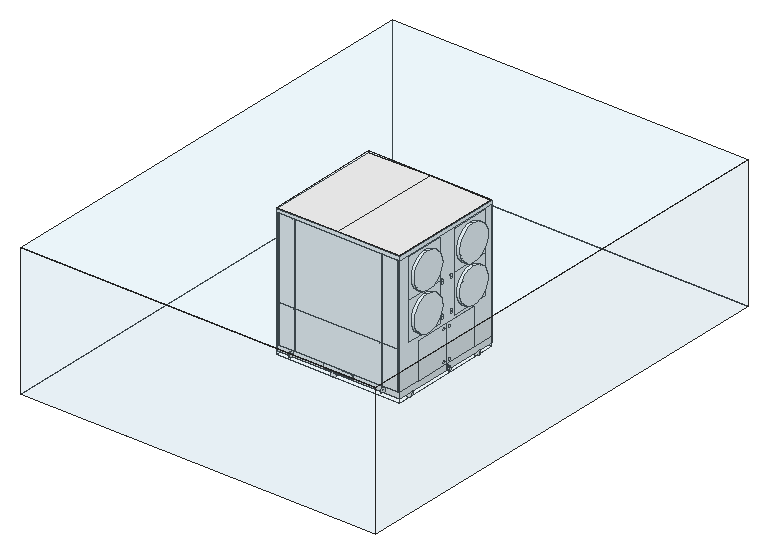
Revit family "VITOCAL 200-A PRO AWO-AC 204.A128", category Mechanical Equipment, Revit 2021
Family settings
  Round Connector Dimension = Use Diameter
  Part Type = Normal
  OmniClass Number = 23.75.10.21.17
  OmniClass Title = Water-Source Heat Pumps
  Work Plane-Based = No
  Always vertical = Yes
  Cut with Voids When Loaded = No
  Shared = No
  Room Calculation Point = No
Parameters (values of type "VITOCAL 200-A PRO AWO-AC 204.A128")
  Wysokość całkowita = 2265.00 mm
  Woda grzewcza. Znamionowy przepływ objętościowy = "19 380 l/h"
  Zastosowanie średniotemperaturowe (W55). Znamionowa moc grzewcza Prated (kW) = 108
  Zastosowanie średniotemperaturowe (W55). Sezonowy stopień efektywności (SCOP) = 3.29
  Zastosowanie średniotemperaturowe (W55). Efektywność energetyczna ηS = 129
  Zastosowanie niskotemperaturowe (W35). Znamionowa moc grzewcza Prated (kW) = 99
  Wentylator. Zabezpieczenie wewnętrzne = "B10A"
  Zastosowanie niskotemperaturowe (W35). Sezonowy stopień efektywności (SCOP) = 4.4
  Stopień ochrony = "IPX4"
  Sprężarka. Maks. prąd roboczy = "2 x 53,4"
  Sprężarka. Maks. pobór mocy elektrycznej sprężarki (A2/W35, włącznie z wentylatorem) = "2 x 14.600 kW"
  Przyłącza. Zasilanie oraz powrót wody grzewczej (gwint zewnętrzny) = "G 2½"
  Pozyskiwanie ciepła. Znamionowy przepływ objętościowy powietrza = "19 100 m3/h"
  Pozyskiwanie ciepła. Min. Temperatura powietrza na wlocie = "–20 °C"
  Pozyskiwanie ciepła. Maks. moc elektryczna wentylatora = "8 x 500 W"
  Pozyskiwanie ciepła. Maks. Temperatura powietrza na wlocie = "35 °C"
  Pozyskiwanie ciepła. Ilość wody kondensacyjnej przy wilgotności 87% = "60"
  Woda grzewcza. Pojemność = "17.3 l"
  Woda grzewcza. Opory przepływu znamionowego przepływu objętościowego = "7.1 kPa"
  Woda grzewcza. Opory przepływu minimalnego przepływu objętościowego = "2.9 kPa"
  Poziom mocy akustycznej = "71.6 dB(A)"
  Obieg chłodniczy. Sprężarka = "Scroll"
  Obieg chłodniczy. Olej w sprężarce = "Idemitsu FV68S"
  Obieg chłodniczy. Ilość oleju w sprężarce = "2.8"
  Obieg chłodniczy. Ilość czynnika chłodniczego = 43.00 kg
  Obieg chłodniczy. Ekwiwalent CO2 = "76.3"
  Obieg chłodniczy. Czynnik roboczy = "R407C"
  Obieg chłodniczy. Armatura zabezpieczająca = "A1"
  Obieg chłodniczy. Potencjał tworzenia efektu cieplarnianego (GWP) = "1774"
  Wentylator. Napięcie znamionowe = "1/N/PE 230 V/50 Hz"
  Woda grzewcza. Minimalny przepływ objętościowy (1 sprężarka uruchomiona) = "2800 l/h"
  Woda grzewcza. Min. temperatura na powrocie = "20 °C"
  Woda grzewcza. Maks. temperatura na zasilaniu = "65 °C"
  Sprężarka. Maks. przekrój elektrycznych przewodów przyłączeniowych = "16 mm2"
  Znamionowa wydajność chłodzenia = 139.9 kW
  Znamionowa moc grzewcza = 112.4 kW
  Sprężarka. Zabezp. przyłącza elektrycznego = "i 3 x C63A Kombi"
  Viessmann Kolor 1 = Viessmann Kolor 1
  URL = "https://www.viessmann.pl/"
  Szerokość całkowita = 2280.00 mm
  Strefa serwisowa [instance] = yes
  Stopień efektywności ε (COP) = 4.05
  Sprężarka. Prąd rozruchowy sprężarki = "2 x 122.7 A"
  Pobór mocy elektrycznej = 27.77 kW
  Sprężarka. Napięcie znamionowe = "3/N/PE 400 V/50 Hz"
  Moc elektryczna na podgrzew miski olejowej = "4 x 90"
  Masa całkowita (urządzenie podstawowe bez opcjonalnej obudowy) = 1850.00 kg
  Manufacturer = "Viessmann Sp. z o.o."
  Wentylator. Maks. pobór mocy elektrycznej na 1 wentylator = 500 W
  Zastosowanie niskotemperaturowe (W35). Efektywność energetyczna ηS (%) = 173
  Informacja = "Pomiar całkowitego poziomu mocy akustycznej w oparciu o normę EN ISO 12102/EN ISO 9614."
  EER w trybie chłodzenia = 5.23
  Dop. ciśnienie robocze po stronie wtórnej = "6 bar"
  Description = "Pompa ciepła Vitocal 200-A PRO pozyskuje energię cieplną z powietrza zewnętrznego i wykorzystuje ją do ogrzewania\r\nwody w obiegu grzewczym lub obiegu ciepłej wody użytkowej. Dzięki nagrzewnicy powietrznej (parownik) energia cieplna,\r\npochodząca ze stale zasysanego przez wentylator powietrza zewnętrznego, jest oddawana do czynnika roboczego\r\n(czynnika chłodniczego). Czynnik chłodniczy ulega przy tym parowaniu. Za pomocą elektrycznie napędzanej sprężarki\r\nzwiększana jest temperatura czynnika chłodniczego w postaci gazowej.\r\nPo odparowaniu i zagęszczeniu energia cieplna z czynnika chłodniczego poprzez kondensację w wymienniku ciepła jest\r\nprzekazywana do zasobnika buforowego (nie należy do zakresu dostawy), a następnie do systemu grzewczego. W tzw.\r\nskraplaczu czynnik chłodniczy znów jest skraplany i może zostać ponownie doprowadzony do parownika przez zawór\r\nrozprężny.\r\nPrzy niskich temperaturach otoczenia wilgoć odkłada się w parowniku jako szron, co niekorzystnie wpływa\r\nna przekazywanie ciepła. W razie potrzeby parownik jest automatycznie rozmrażany przez pompę ciepła. W zależności\r\nod warunków pogodowych w wylocie powietrza może powstawać para. W zależności od warunków regionalnych konieczna\r\nmoże być optymalizacja podczas pracy.\r\nAby zapewnić izolację akustyczną, zasobnik buforowy musi być podłączony za pomocą elastycznych połączeń przewodów.\r\nZwiększa to jednocześnie żywotność pompy ciepła."
  Model = "Pompy ciepła powietrze/woda do ustawienia na zewnątrz z napędem elektrycznym do ogrzewania pomieszczeń i podgrzewu ciepłej wody użytkowej w instalacjach grzewczych: - Do 65°C temperatury na zasilaniu, - W zależności od typu z 1, 2 lub 4 sprężarkami, - Z regulatorem pompy ciepła sterowanym pogodowo i graficznym modułem obsługi do montażu na ścianie."
  Długość całkowita = 2130.00 mm
  Default Elevation = 0.00 mm
  Sprężarka. Cos φ = 0.75
  Autor = "www.archispace.pl"
Reference planes
  plane 1 "Środek (Przód/Tył)": y = -30
  plane 2: z = 0
  plane 3 "Środek (Lewa/Prawa)": x = 0
  plane 4: y = 955
  plane 5: y = -1029
  plane 6: x = -1054.75
  plane 7: x = 1139
  plane 8: x = 1054.75
  plane 9: z = 2264.51
  plane 10: z = 68.2
  plane 11: x = -1141.293
  plane 12: x = 1141.333
  plane 13: z = 2198.05
  plane 14: x = 1073.007
Forms (mm)
  Extrusion 1, solid, material "Viessmann Kolor 1" <- "Viessmann Kolor 1", detail levels coarse
    sketch origin (0, 0, 0) x (1, 0, 0) y (0, 1, 0)
      loop
        line (-1141.293, 955) -> (-1141.293, -1029) -> (1141.333, -1029) -> (1141.333, 955) -> (-1141.293, 955)
    from 0 to 2264.51
  Extrusion 2, solid, material "Viessmann Kolor 1" <- "Viessmann Kolor 1", detail levels medium+fine
    sketch origin (0, 0, 0) x (0, 1, 0) y (0, 0, 1)
      loop
        line (-1015, 68.2) -> (948.5, 68.2) -> (948.5, 2198.05) -> (-1015, 2198.05) -> (-1015, 68.2)
    from -1050 to 1050
  Extrusion 3, solid, material "Viessmann Kolor 1" <- "Viessmann Kolor 1", detail levels medium+fine
    sketch origin (0, 0, 0) x (1, 0, 0) y (0, 1, 0)
      loop
        line (1052.75, 951.5) -> (1023.75, 951.5) -> (1023.75, 950) -> (1051.25, 950) -> (1051.25, -1024) -> (1023.75, -1024) -> (1023.75, -1025.5) -> (1052.75, -1025.5) -> (1052.75, 951.5)
    from 167.8 to 2198.05
  Extrusion 4, solid, material "Viessmann Kolor 1" <- "Viessmann Kolor 1", detail levels medium+fine
    sketch origin (0, 0, 0) x (1, 0, 0) y (0, 1, 0)
      loop
        circle (-1020.914, 683) r 39
      loop
        circle (-1020.914, -771) r 39
      loop
        circle (1019.086, -771) r 39
      loop
        circle (1019.086, 683) r 39
      loop
        circle (109.086, 888) r 39
      loop
        circle (-110.914, -976) r 39
    from 0 to 68.2
  Extrusion 5, solid, material "Viessmann Kolor 1" <- "Viessmann Kolor 1", detail levels medium+fine
    sketch origin (-557.926, -1377, 1200) x (-1, 0, 0) y (0, 0, 1)
      loop
        circle (-217.181, -466.737) r 12.089
      loop
        circle (-217.181, -416.737) r 12.089
      loop
        circle (-217.181, -366.737) r 12.089
      loop
        circle (-217.181, -316.737) r 12.089
      loop
        circle (-322.181, -466.737) r 12.089
      loop
        circle (-322.181, -416.737) r 12.089
      loop
        circle (-322.181, -366.737) r 12.089
      loop
        circle (-322.181, -316.737) r 12.089
    from 704.006 to 728.929
  Extrusion 6, solid, material "Viessmann Kolor 1" <- "Viessmann Kolor 1", detail levels medium+fine
    sketch origin (0, -7, 0) x (0, 1, 0) y (0, 0, 1)
      loop
        line (784.5, 1524.853) -> (784.5, 2180.853) -> (128.5, 2180.853) -> (128.5, 1524.853) -> (784.5, 1524.853)
      loop
        line (784.5, 864.853) -> (784.5, 1520.853) -> (128.5, 1520.853) -> (128.5, 864.853) -> (784.5, 864.853)
      loop
        line (-846.499, 1524.853) -> (-190.5, 1524.853) -> (-190.5, 2180.853) -> (-846.499, 2180.853) -> (-846.499, 1524.853)
      loop
        line (-846.499, 864.853) -> (-190.5, 864.853) -> (-190.5, 1520.853) -> (-846.499, 1520.853) -> (-846.499, 864.853)
    from -1072.967 to -1054.75
  Extrusion 7, solid, material "Viessmann Kolor 1" <- "Viessmann Kolor 1", detail levels medium+fine
    sketch origin (0, -7, 0) x (0, 1, 0) y (0, 0, 1)
      loop
        arc (452.66, 1553.206) -> (756.001, 1852.301) -> (453.762, 2152.511) r 299.669
        arc (453.762, 2152.511) -> (156.663, 1853.404) -> (452.66, 1553.206) r 299.669
      loop
        arc (451.096, 893.229) -> (755.943, 1186.939) -> (462.924, 1492.449) r 299.669
        arc (462.924, 1492.449) -> (156.721, 1198.767) -> (451.096, 893.229) r 299.669
      loop
        arc (-543.616, 894.224) -> (-219.143, 1183.526) -> (-524.988, 1492.455) r 299.669
        arc (-524.988, 1492.455) -> (-818.191, 1202.179) -> (-543.616, 894.224) r 299.669
      loop
        arc (-523.567, 2152.482) -> (-818.331, 1854.56) -> (-526.981, 1553.299) r 299.669
        arc (-526.981, 1553.299) -> (-219.003, 1851.145) -> (-523.567, 2152.482) r 299.669
    from -1141.293 to -1072.967
  Extrusion 8, solid, material "Viessmann Kolor 1" <- "Viessmann Kolor 1", detail levels medium+fine
    sketch origin (0, 0, 0) x (0, 1, 0) y (0, 0, 1)
      loop
        line (-844.5, 1524.853) -> (-188.5, 1524.853) -> (-188.5, 2180.853) -> (-844.5, 2180.853) -> (-844.5, 1524.853)
      loop
        line (-844.5, 864.853) -> (-188.5, 864.853) -> (-188.5, 1520.853) -> (-844.5, 1520.853) -> (-844.5, 864.853)
      loop
        line (130.5, 1524.853) -> (786.499, 1524.853) -> (786.499, 2180.853) -> (130.5, 2180.853) -> (130.5, 1524.853)
      loop
        line (130.5, 864.853) -> (786.499, 864.853) -> (786.499, 1520.853) -> (130.5, 1520.853) -> (130.5, 864.853)
    from 1054.75 to 1073.007
  Extrusion 9, solid, material "Viessmann Kolor 1" <- "Viessmann Kolor 1", detail levels medium+fine
    sketch origin (0, 0, 0) x (0, 1, 0) y (0, 0, 1)
      loop
        arc (452.66, 1553.206) -> (756.001, 1852.301) -> (453.762, 2152.511) r 299.669
        arc (453.762, 2152.511) -> (156.663, 1853.404) -> (452.66, 1553.206) r 299.669
      loop
        arc (451.096, 893.229) -> (755.943, 1186.939) -> (462.924, 1492.449) r 299.669
        arc (462.924, 1492.449) -> (156.721, 1198.767) -> (451.096, 893.229) r 299.669
      loop
        arc (-543.616, 894.224) -> (-219.143, 1183.526) -> (-524.988, 1492.455) r 299.669
        arc (-524.988, 1492.455) -> (-818.191, 1202.179) -> (-543.616, 894.224) r 299.669
      loop
        arc (-523.567, 2152.482) -> (-818.331, 1854.56) -> (-526.981, 1553.299) r 299.669
        arc (-526.981, 1553.299) -> (-219.003, 1851.145) -> (-523.567, 2152.482) r 299.669
    from 1073.007 to 1141.333
  Extrusion 10, solid, material "Viessmann Kolor 1" <- "Viessmann Kolor 1", detail levels medium+fine
    sketch origin (-557.926, -1377, 1200) x (-1, 0, 0) y (0, 0, 1)
      loop
        line (-557.926, 1064.51) -> (-1612.676, 1046.15) -> (-1612.676, 998.05) -> (496.824, 998.05) -> (496.824, 1046.15) -> (-557.926, 1064.51)
    from 348 to 2332
  Extrusion 11, solid, material "Viessmann Kolor 1" <- "Viessmann Kolor 1", detail levels medium+fine
    sketch origin (0, 0, 0) x (1, 0, 0) y (0, 1, 0)
      loop
        line (-1038.104, -1024) -> (-751.104, -1024) -> (-751.104, -1022.5) -> (-1038.104, -1022.5) -> (-1038.104, -1024)
      loop
        line (-748.896, -1024) -> (749.604, -1024) -> (749.604, -1022.5) -> (-748.896, -1022.5) -> (-748.896, -1024)
      loop
        line (1038.896, -1024) -> (1038.896, -1022.5) -> (751.896, -1022.5) -> (751.896, -1024) -> (1038.896, -1024)
      loop
        line (-1038.104, 950) -> (-1038.104, 948.5) -> (-751.104, 948.5) -> (-751.104, 950) -> (-1038.104, 950)
      loop
        line (-748.896, 950) -> (-748.896, 948.5) -> (749.604, 948.5) -> (749.604, 950) -> (-748.896, 950)
      loop
        line (1038.896, 950) -> (751.896, 950) -> (751.896, 948.5) -> (1038.896, 948.5) -> (1038.896, 950)
    from 167.8 to 817.8
  Extrusion 12, solid, material "Viessmann Kolor 1" <- "Viessmann Kolor 1", detail levels medium+fine
    sketch origin (0, 0, 0) x (1, 0, 0) y (0, 1, 0)
      loop
        line (-1038.104, -1024) -> (-751.104, -1024) -> (-751.104, -1022.5) -> (-1038.104, -1022.5) -> (-1038.104, -1024)
      loop
        line (-748.896, -1024) -> (749.604, -1024) -> (749.604, -1022.5) -> (-748.896, -1022.5) -> (-748.896, -1024)
      loop
        line (1038.896, -1024) -> (1038.896, -1022.5) -> (751.896, -1022.5) -> (751.896, -1024) -> (1038.896, -1024)
      loop
        line (-1038.104, 950) -> (-1038.104, 948.5) -> (-751.104, 948.5) -> (-751.104, 950) -> (-1038.104, 950)
      loop
        line (-748.896, 950) -> (-748.896, 948.5) -> (749.604, 948.5) -> (749.604, 950) -> (-748.896, 950)
      loop
        line (1038.896, 950) -> (751.896, 950) -> (751.896, 948.5) -> (1038.896, 948.5) -> (1038.896, 950)
    from 819.8 to 2198.05
  Extrusion 13, void
    sketch origin (0, 0, 0) x (0, 1, 0) y (0, 0, 1)
      loop
        line (-630, 167.8) -> (-623.272, 167.8) -> (-623.272, 783.8) -> (-30.272, 783.8) -> (-30.272, 167.8) -> (-29.372, 167.8) -> (-29.372, 783.8) -> (563.628, 783.8) -> (563.628, 167.8) -> (571.919, 167.8) -> (571.919, 789.287) -> (-630, 789.287) -> (-630, 167.8)
    from 1040 to 1054.75
  Extrusion 14, solid, material "Viessmann Kolor 1" <- "Viessmann Kolor 1", detail levels medium+fine
    sketch origin (0, 0, 0) x (0, 1, 0) y (0, 0, 1)
      loop
        circle (28.728, 732.8) r 16
      loop
        circle (-89.272, 223.8) r 16
      loop
        circle (28.728, 223.8) r 16
      loop
        circle (-89.272, 732.8) r 16
    from 1054.75 to 1059.759
  Extrusion 15, solid, material "Viessmann Kolor 1" <- "Viessmann Kolor 1", detail levels medium+fine
    sketch origin (-557.926, -1377, 1200) x (-1, 0, 0) y (0, 0, 1)
      loop
        line (-307.906, -1042.2) -> (-807.906, -1042.2) -> (-807.906, -1122.2) -> (-307.906, -1122.2) -> (-307.906, -1042.2)
    from 360 to 362
  Extrusion 16, solid, material "Viessmann Kolor 1" <- "Viessmann Kolor 1", detail levels medium+fine
    sketch origin (0, 0, 0) x (0, 1, 0) y (0, 0, 1)
      loop
        line (1042, 97.8) -> (1042, 137.8) -> (1022, 157.8) -> (948.5, 157.8) -> (948.5, 77.8) -> (1022, 77.8) -> (1042, 97.8)
      loop
        circle (1002, 117.8) r 20
    from -790.5 to -782.5
  Extrusion 17, solid, material "Viessmann Kolor 1" <- "Viessmann Kolor 1", detail levels medium+fine
    sketch origin (0, 0, 0) x (0, 1, 0) y (0, 0, 1)
      loop
        line (1042, 97.8) -> (1042, 137.8) -> (1022, 157.8) -> (948.5, 157.8) -> (948.5, 77.8) -> (1022, 77.8) -> (1042, 97.8)
      loop
        circle (1002, 117.8) r 20
    from 774.5 to 782.5
  Extrusion 18, solid, material "Viessmann Kolor 1" <- "Viessmann Kolor 1", detail levels medium+fine
    sketch origin (0, -46, 0) x (0, -1, 0) y (0, 0, -1)
      loop
        line (1042, -97.8) -> (1022, -77.8) -> (969, -77.8) -> (969, -157.8) -> (1022, -157.8) -> (1042, -137.8) -> (1042, -97.8)
      loop
        circle (1002, -117.8) r 20
    from -790.5 to -782.5
  Extrusion 19, solid, material "Viessmann Kolor 1" <- "Viessmann Kolor 1", detail levels medium+fine
    sketch origin (0, -46, 0) x (0, -1, 0) y (0, 0, -1)
      loop
        line (1042, -97.8) -> (1022, -77.8) -> (969, -77.8) -> (969, -157.8) -> (1022, -157.8) -> (1042, -137.8) -> (1042, -97.8)
      loop
        circle (1002, -117.8) r 20
    from 774.5 to 782.5
  Extrusion 20, solid, material "Viessmann Kolor 1" <- "Viessmann Kolor 1", detail levels medium+fine
    sketch origin (-557.926, -1377, 1200) x (-1, 0, 0) y (0, 0, 1)
      loop
        line (572.074, -1102.2) -> (572.074, -1062.2) -> (552.074, -1042.2) -> (492.074, -1042.2) -> (492.074, -1122.2) -> (552.074, -1122.2) -> (572.074, -1102.2)
      loop
        circle (532.074, -1082.2) r 20
    from 1343 to 1351
  Extrusion 21, solid, material "Viessmann Kolor 1" <- "Viessmann Kolor 1", detail levels medium+fine
    sketch origin (557.926, -1377, 1200) x (1, 0, 0) y (0, 0, -1)
      loop
        line (572.074, 1102.2) -> (552.074, 1122.2) -> (492.074, 1122.2) -> (492.074, 1042.2) -> (552.074, 1042.2) -> (572.074, 1062.2) -> (572.074, 1102.2)
      loop
        circle (532.074, 1082.2) r 20
    from 1343 to 1351
  Extrusion 22, solid, material "Viessmann Kolor 1" <- "Viessmann Kolor 1", detail levels medium+fine
    sketch origin (-557.926, -1377, 1200) x (-1, 0, 0) y (0, 0, 1)
      loop
        line (-307.906, -1042.2) -> (-807.906, -1042.2) -> (-807.906, -1122.2) -> (-307.906, -1122.2) -> (-307.906, -1042.2)
    from 2325.5 to 2327.5
  Extrusion 23, void
    sketch origin (0, 0, 0) x (0, 1, 0) y (0, 0, 1)
      loop
        arc (-19.419, 791.372) -> (-96.854, 743.938) -> (-38.672, 674.217) r 60
        arc (-38.672, 674.217) -> (21.557, 724.478) -> (-19.419, 791.372) r 60
      loop
        arc (-36.837, 259.447) -> (22.021, 317.813) -> (-33.594, 379.278) r 60
        arc (-33.594, 379.278) -> (-97.935, 321.06) -> (-36.837, 259.447) r 60
    from -1072.967 to -523.71
  Extrusion 24, solid, material "Viessmann Kolor 1" <- "Viessmann Kolor 1", detail levels medium+fine
    sketch origin (0, 0, 0) x (1, 0, 0) y (0, 1, 0)
      loop
        line (-1052.71, 951.5) -> (-1052.71, -36.5) -> (-1051.21, -36.5) -> (-1051.21, 950) -> (-1023.71, 950) -> (-1023.71, 951.5) -> (-1052.71, 951.5)
      loop
        line (-1052.71, -1025.5) -> (-1023.71, -1025.5) -> (-1023.71, -1024) -> (-1051.21, -1024) -> (-1051.21, -37.5) -> (-1052.71, -37.5) -> (-1052.71, -1025.5)
    from 167.8 to 817.8
  Extrusion 25, solid, material "Viessmann Kolor 1" <- "Viessmann Kolor 1", detail levels medium+fine
    sketch origin (0, 0, 0) x (1, 0, 0) y (0, 1, 0)
      loop
        line (-1052.71, 951.5) -> (-1052.71, -36.5) -> (-1051.21, -36.5) -> (-1051.21, 950) -> (-1023.71, 950) -> (-1023.71, 951.5) -> (-1052.71, 951.5)
      loop
        line (-1052.71, -1025.5) -> (-1023.71, -1025.5) -> (-1023.71, -1024) -> (-1051.21, -1024) -> (-1051.21, -37.5) -> (-1052.71, -37.5) -> (-1052.71, -1025.5)
    from 819.8 to 2198.05
  Extrusion 26, solid, material "Viessmann Kolor 1" <- "Viessmann Kolor 1", detail levels medium+fine
    sketch origin (0, 0, 0) x (0, 1, 0) y (0, 0, 1)
      loop
        circle (62, 1507.853) r 12.089
      loop
        circle (62, 1467.853) r 12.089
      loop
        circle (-137.919, 1507.853) r 12.089
      loop
        circle (-137.919, 1467.853) r 12.089
      loop
        circle (62, 972.853) r 12.089
      loop
        circle (62, 932.853) r 12.089
      loop
        circle (-137.919, 932.853) r 12.089
      loop
        circle (-137.919, 972.853) r 12.089
    from -1077.704 to -1054.75
  Extrusion 27, solid, material "Viessmann Kolor 1" <- "Viessmann Kolor 1", detail levels medium+fine
    sketch origin (0, 0, 0) x (0, 1, 0) y (0, 0, 1)
      loop
        circle (62, 1507.853) r 12.089
      loop
        circle (62, 1467.853) r 12.089
      loop
        circle (-137.919, 1507.853) r 12.089
      loop
        circle (-137.919, 1467.853) r 12.089
      loop
        circle (62, 972.853) r 12.089
      loop
        circle (62, 932.853) r 12.089
      loop
        circle (-137.919, 932.853) r 12.089
      loop
        circle (-137.919, 972.853) r 12.089
    from 1054.75 to 1077.744
  Extrusion 28, solid, material "Viessmann Kolor 1" <- "Viessmann Kolor 1", detail levels medium+fine
    sketch origin (0, 0, 0) x (0, 1, 0) y (0, 0, 1)
      loop
        circle (-37.648, 734.208) r 37.5
      loop
        circle (-37.648, 734.208) r 35
      loop
        circle (-37.957, 319.437) r 37.5
      loop
        circle (-37.957, 319.437) r 35
    from -1023.71 to -523.71
  Extrusion 29, solid, material "Viessmann Strefy Serwisowe", visible <- "Strefa serwisowa"
    sketch origin (4373.089, 228.094, 0) x (1, 0, 0) y (0, 1, 0)
      loop
        line (-1318.339, -4257.094) -> (-1318.339, 3726.906) -> (-7427.839, 3726.906) -> (-7427.839, -4257.094) -> (-1318.339, -4257.094)
      loop
        line (-5427.839, 726.906) -> (-5427.839, -1257.094) -> (-3318.339, -1257.094) -> (-3318.339, 726.906) -> (-5427.839, 726.906)
    from 0 to 2264.51
  Extrusion 30, void
    sketch origin (0, 0, 0) x (1, 0, 0) y (0, 1, 0)
      loop
        line (-884.095, 244.905) -> (-949.905, 244.905) -> (-949.905, 99.095) -> (-884.095, 99.095) -> (-884.095, 244.905)
    from 68.2 to 100
Cuts and joins
  Extrusion 23, Extrusion 30 cuts Extrusion 2
  Extrusion 13, Extrusion 23 cuts Extrusion 3
  Extrusion 23 cuts Extrusion 24
Lines and regions (mm)
  model lines, detail levels medium+fine
    curve 1: line (469.98, 950, 933.8) -> (469.98, 950, 2182.8)
    curve 2: line (469.98, 950, 2182.8) -> (-475.02, 950, 2182.8)
    curve 3: line (-475.02, 950, 933.8) -> (-475.02, 950, 2182.8)
    curve 4: line (-475.02, 950, 933.8) -> (469.98, 950, 933.8)
    curve 5: line (-475.02, -1024, 2182.8) -> (469.98, -1024, 2182.8)
    curve 6: line (-475.02, -1024, 933.8) -> (-475.02, -1024, 2182.8)
    curve 7: line (469.98, -1024, 933.8) -> (-475.02, -1024, 933.8)
    curve 8: line (469.98, -1024, 2182.8) -> (469.98, -1024, 933.8)
Dimensions and locks
  plane 6 to plane 3 "Środek (Lewa/Prawa)" to plane 8 = 1054.75 mm, 1054.75 mm
  plane 4 to plane 1 "Środek (Przód/Tył)" to plane 5 = 985.00 mm, 999.00 mm
  plane 13 to plane 2 = 2198.05 mm
  aligned and locked: level to plane 2
  aligned and locked: Extrusion 1 sketch curve to plane 4
  aligned and locked: Extrusion 1 sketch curve to plane 11
  aligned and locked: plane 12 to Extrusion 1 sketch curve
  aligned and locked: plane 5 to Extrusion 1 sketch curve
  aligned and locked: Extrusion 1 to plane 9
Connectors
  piping at (-1023.71, -37.648, 734.208), diameter 75
    settings: on Extrusion 28, index 1, connector inside diameter 609.6 mm, connector length 0.00 mm, flow factor 0, pipe flow 0.0 m³/h, pressure drop 0.0 kPa, fitting loss kfactor 0, connector angle 0.00°, fixture units 0, engagement length 0.00 mm, angle of deflection 0.00°, flow configuration 0, flow direction 0, fitting loss method 0, system type 7, joint type 0, gender type 0, connector reference index -1, connector utility 0, adjustable connector no, is connector primary yes, connector description ""
  piping at (-1023.71, -37.957, 319.437), diameter 75
    settings: on Extrusion 28, index 2, connector inside diameter 609.6 mm, connector length 0.00 mm, flow factor 0, pipe flow 0.0 m³/h, pressure drop 0.0 kPa, fitting loss kfactor 0, connector angle 0.00°, fixture units 0, engagement length 0.00 mm, angle of deflection 0.00°, flow configuration 0, flow direction 0, fitting loss method 0, system type 8, joint type 0, gender type 0, connector reference index -1, connector utility 0, adjustable connector no, is connector primary no, connector description ""
  electrical at (-917, 172, 68.2), driven by "Pobór mocy elektrycznej"
    settings: on cut or joined group of Extrusion 2, Extrusion 23, Extrusion 30, index 3, voltage 0 V, apparent load 27770 W, apparent load phase1 0 W, apparent load phase2 0 W, apparent load phase3 0 W, power factor 1, load classification "Other", number of poles 1, system type 30, power factor state 1, is connector primary yes, connector utility no, sub classification motor no, connector description ""
